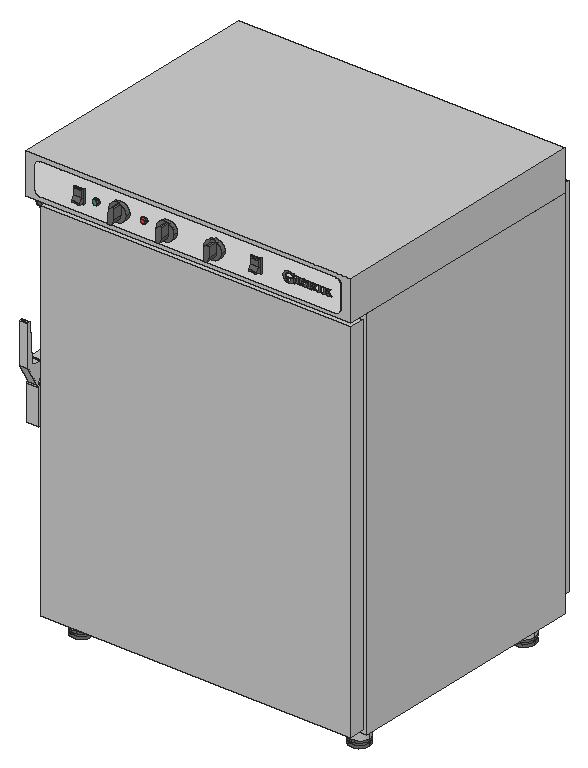
Revit family "QF_GIORIK_GR1011M_GR1011E_GR1011P", category Specialty Equipment, Revit 2014 (continued)
Automatic sketch dimensions
  Extrusion 8 sketch curve to Extrusion 8 sketch curve = 2.551 mm
  Extrusion 8 sketch curve to Extrusion 8 sketch curve = 5.945 mm
  Extrusion 8 sketch curve to Extrusion 8 sketch curve = 0.022 mm  (x2)
  Extrusion 8 sketch curve to Extrusion 8 sketch curve = 4 mm
  Extrusion 8 sketch curve to plane 6 "Top" = 42.343 mm
  Extrusion 8 sketch curve to Extrusion 8 sketch curve = 5.91 mm  (x2)
  Extrusion 8 sketch curve to plane 6 "Top" = 54.999 mm
  Extrusion 8 sketch curve to plane 6 "Top" = 44.687 mm
  Extrusion 8 sketch curve to plane 6 "Top" = 60.237 mm
  Extrusion 8 sketch curve to Extrusion 8 sketch curve = 1.141 mm
  Extrusion 8 sketch curve to Extrusion 8 sketch curve = 6.081 mm
  Extrusion 8 sketch curve to plane 6 "Top" = 37.804 mm
  Extrusion 8 sketch curve to Extrusion 8 sketch curve = 4.16 mm
  Extrusion 8 sketch curve to plane 6 "Top" = 58.99 mm
  Extrusion 8 sketch curve to Extrusion 8 sketch curve = 2.507 mm
  Extrusion 8 sketch curve to Extrusion 8 sketch curve = 1.366 mm
  Extrusion 8 sketch curve to plane 6 "Top" = 40.517 mm
  Extrusion 8 sketch curve to Extrusion 8 sketch curve = 4.893 mm
  Extrusion 8 sketch curve to Extrusion 8 sketch curve = 6.586 mm
  Extrusion 8 sketch curve to Extrusion 8 sketch curve = 2.154 mm
  Extrusion 8 sketch curve to Extrusion 8 sketch curve = 2.256 mm
  Extrusion 8 sketch curve to Extrusion 8 sketch curve = 0.578 mm
  Extrusion 8 sketch curve to Extrusion 8 sketch curve = 1.392 mm
  Extrusion 8 sketch curve to Extrusion 8 sketch curve = 1.974 mm
  Extrusion 8 sketch curve to Extrusion 8 sketch curve = 1.347 mm
  Extrusion 8 sketch curve to Extrusion 8 sketch curve = 1.469 mm
  Extrusion 8 sketch curve to Extrusion 8 sketch curve = 4.081 mm
  Extrusion 8 sketch curve to Extrusion 8 sketch curve = 3.564 mm
  Extrusion 8 sketch curve to Extrusion 8 sketch curve = 3.242 mm
  Extrusion 8 sketch curve to Extrusion 8 sketch curve = 0.899 mm
  Extrusion 8 sketch curve to Extrusion 8 sketch curve = 1.294 mm
  Extrusion 8 sketch curve to Extrusion 8 sketch curve = 15.009 mm
  Extrusion 8 sketch curve to Extrusion 8 sketch curve = 2.344 mm  (x8)
  Extrusion 8 sketch curve to Extrusion 8 sketch curve = 1 mm
  Extrusion 8 sketch curve to Extrusion 8 sketch curve = 1.461 mm
  Extrusion 8 sketch curve to Extrusion 8 sketch curve = 1.786 mm
  Extrusion 8 sketch curve to Extrusion 8 sketch curve = 1.919 mm
  Extrusion 8 sketch curve to Extrusion 8 sketch curve = 2.046 mm
  Extrusion 8 sketch curve to Extrusion 8 sketch curve = 1.137 mm
  Extrusion 8 sketch curve to Extrusion 8 sketch curve = 3.153 mm
  Extrusion 8 sketch curve to Extrusion 8 sketch curve = 3.783 mm
  Extrusion 8 sketch curve to Extrusion 8 sketch curve = 1.816 mm  (x2)
  Extrusion 8 sketch curve to Extrusion 8 sketch curve = 1.67 mm
  Extrusion 8 sketch curve to Extrusion 8 sketch curve = 3.513 mm
  Extrusion 8 sketch curve to Extrusion 8 sketch curve = 2.539 mm
  Extrusion 8 sketch curve to Extrusion 8 sketch curve = 4.042 mm
  Extrusion 8 sketch curve to Extrusion 8 sketch curve = 0.806 mm
  Extrusion 8 sketch curve to Extrusion 8 sketch curve = 0.873 mm
  Extrusion 8 sketch curve to Extrusion 8 sketch curve = 4.868 mm
  Extrusion 8 sketch curve to Extrusion 8 sketch curve = 2.243 mm
  Extrusion 8 sketch curve to Extrusion 8 sketch curve = 0.326 mm
  Extrusion 8 sketch curve to Extrusion 8 sketch curve = 2.593 mm  (x3)
  Extrusion 8 sketch curve to Extrusion 8 sketch curve = 1.506 mm
  Extrusion 8 sketch curve to Extrusion 8 sketch curve = 1.887 mm
  Extrusion 8 sketch curve to Extrusion 8 sketch curve = 1.99 mm
  Extrusion 8 sketch curve to Extrusion 8 sketch curve = 2.691 mm
  Extrusion 8 sketch curve to Extrusion 8 sketch curve = 3.345 mm
  Extrusion 8 sketch curve to Extrusion 8 sketch curve = 0.743 mm
  Extrusion 8 sketch curve to Extrusion 8 sketch curve = 3.185 mm
  Extrusion 8 sketch curve to Extrusion 8 sketch curve = 4.912 mm  (x2)
  Extrusion 8 sketch curve to Extrusion 8 sketch curve = 2.294 mm
  Extrusion 8 sketch curve to Extrusion 8 sketch curve = 3.131 mm
  Extrusion 8 sketch curve to Extrusion 8 sketch curve = 0.143 mm
  Extrusion 8 sketch curve to Extrusion 8 sketch curve = 1.861 mm
  Extrusion 8 sketch curve to Extrusion 8 sketch curve = 2.054 mm
  Extrusion 8 sketch curve to Extrusion 8 sketch curve = 1.787 mm
  Extrusion 9 sketch curve to plane 6 "Top" = 50.131 mm
  plane 4 "Right" to Extrusion 9 sketch curve = 150.095 mm
  Extrusion 9 sketch curve to plane 6 "Top" = 55.131 mm
  Extrusion 9 sketch curve to Extrusion 9 sketch curve = 6 mm  (x2)
  plane 3 "Left" to Extrusion 10 sketch curve = 60 mm
  plane 1 "Back" to Extrusion 10 sketch curve = 125 mm
  plane 3 "Left" to Extrusion 11 sketch curve = 60 mm
  plane 1 "Back" to Extrusion 11 sketch curve = 125 mm
  plane 3 "Left" to Extrusion 12 sketch curve = 60 mm
  plane 1 "Back" to Extrusion 12 sketch curve = 125 mm
  plane 3 "Left" to Extrusion 13 sketch curve = 60 mm
  plane 1 "Back" to Extrusion 13 sketch curve = 125 mm
  plane 3 "Left" to Extrusion 14 sketch curve = 60 mm
  plane 8 "Front oven" to Extrusion 14 sketch curve = 51 mm
  plane 3 "Left" to Extrusion 15 sketch curve = 60 mm
  plane 8 "Front oven" to Extrusion 15 sketch curve = 51 mm
  plane 3 "Left" to Extrusion 16 sketch curve = 60 mm
  plane 8 "Front oven" to Extrusion 16 sketch curve = 51 mm
  plane 3 "Left" to Extrusion 17 sketch curve = 60 mm
  plane 8 "Front oven" to Extrusion 17 sketch curve = 51 mm
  plane 4 "Right" to Extrusion 18 sketch curve = 60 mm
  plane 1 "Back" to Extrusion 18 sketch curve = 125 mm
  plane 4 "Right" to Extrusion 19 sketch curve = 60 mm
  plane 1 "Back" to Extrusion 19 sketch curve = 125 mm
  plane 4 "Right" to Extrusion 20 sketch curve = 60 mm
  plane 1 "Back" to Extrusion 20 sketch curve = 125 mm
  plane 4 "Right" to Extrusion 21 sketch curve = 60 mm
  plane 1 "Back" to Extrusion 21 sketch curve = 125 mm
  plane 4 "Right" to Extrusion 22 sketch curve = 60 mm
  plane 8 "Front oven" to Extrusion 22 sketch curve = 51 mm
  plane 4 "Right" to Extrusion 23 sketch curve = 60 mm
  plane 8 "Front oven" to Extrusion 23 sketch curve = 51 mm
  plane 4 "Right" to Extrusion 24 sketch curve = 60 mm
  plane 8 "Front oven" to Extrusion 24 sketch curve = 51 mm
  plane 4 "Right" to Extrusion 25 sketch curve = 60 mm
  plane 8 "Front oven" to Extrusion 25 sketch curve = 51 mm
  Extrusion 26 sketch curve to plane 7 "Legs height" = 0 mm
  plane 3 "Left" to Extrusion 26 sketch curve = 50 mm
  plane 4 "Right" to Extrusion 26 sketch curve = 50 mm
  Extrusion 26 sketch curve to plane 6 "Top" = 125 mm
  Extrusion 27 sketch curve to plane 3 "Left" = 0 mm
  plane 4 "Right" to Extrusion 27 sketch curve = 0 mm
  Extrusion 27 sketch curve to plane 6 "Top" = 0 mm
  Extrusion 27 sketch curve to Extrusion 27 sketch curve = 100 mm
  Extrusion 28 sketch curve to plane 5 "Front" = 2.5 mm
  plane 5 "Front" to Extrusion 28 sketch curve = 10.5 mm
  Extrusion 28 sketch curve to plane 8 "Front oven" = 12.5 mm
  plane 7 "Legs height" to Extrusion 28 sketch curve = 437 mm
  Extrusion 28 sketch curve to Extrusion 28 sketch curve = 5 mm
  Extrusion 28 sketch curve to Extrusion 28 sketch curve = 88 mm
  Extrusion 28 sketch curve to Extrusion 28 sketch curve = 26.5 mm
  Extrusion 28 sketch curve to Extrusion 28 sketch curve = 29 mm
  Extrusion 28 sketch curve to Extrusion 28 sketch curve = 1.5 mm
  Extrusion 29 sketch curve to plane 5 "Front" = 30 mm
  Extrusion 29 sketch curve to Extrusion 29 sketch curve = 2.5 mm  (x3)
  Extrusion 29 sketch curve to Extrusion 29 sketch curve = 11.414 mm
  Extrusion 29 sketch curve to plane 5 "Front" = 9.655 mm
  Extrusion 29 sketch curve to plane 5 "Front" = 8.61 mm
  Extrusion 29 sketch curve to plane 5 "Front" = 2.5 mm
  plane 5 "Front" to Extrusion 29 sketch curve = 10.5 mm
  Extrusion 29 sketch curve to plane 6 "Top" = 520 mm
  Extrusion 29 sketch curve to Extrusion 29 sketch curve = 4.31 mm
  Extrusion 29 sketch curve to Extrusion 29 sketch curve = 22.19 mm
  Extrusion 29 sketch curve to Extrusion 29 sketch curve = 25.58 mm
  Extrusion 29 sketch curve to Extrusion 29 sketch curve = 26.716 mm
  Extrusion 29 sketch curve to Extrusion 29 sketch curve = 2.117 mm
  Extrusion 29 sketch curve to Extrusion 29 sketch curve = 9.247 mm
  Extrusion 29 sketch curve to Extrusion 29 sketch curve = 89.129 mm
  Extrusion 30 sketch curve to plane 8 "Front oven" = 0 mm
  Extrusion 30 sketch curve to plane 8 "Front oven" = 2.8 mm
  Extrusion 30 sketch curve to Extrusion 30 sketch curve = 2.8 mm
  Extrusion 30 sketch curve to plane 8 "Front oven" = 5.3 mm
  Extrusion 30 sketch curve to Extrusion 30 sketch curve = 2.5 mm  (x3)
  Extrusion 30 sketch curve to Extrusion 30 sketch curve = 2.164 mm  (x2)
  Extrusion 30 sketch curve to Extrusion 30 sketch curve = 5.036 mm
  plane 7 "Legs height" to Extrusion 30 sketch curve = 436.3 mm
  Extrusion 30 sketch curve to Extrusion 30 sketch curve = 12.316 mm
  Extrusion 30 sketch curve to Extrusion 30 sketch curve = 0.683 mm  (x2)
  Extrusion 30 sketch curve to Extrusion 30 sketch curve = 12.047 mm
  Extrusion 30 sketch curve to Extrusion 30 sketch curve = 22.316 mm
  Extrusion 31 sketch curve to plane 6 "Top" = 43.954 mm
  plane 3 "Left" to Extrusion 31 sketch curve = 247.204 mm
  Extrusion 31 sketch curve to Extrusion 31 sketch curve = 0.004 mm
  Extrusion 31 sketch curve to Extrusion 31 sketch curve = 6.312 mm  (x2)
  Extrusion 31 sketch curve to Extrusion 31 sketch curve = 1.783 mm
  Extrusion 31 sketch curve to Extrusion 31 sketch curve = 8.091 mm
  Extrusion 31 sketch curve to Extrusion 31 sketch curve = 2.709 mm  (x2)
  Extrusion 31 sketch curve to Extrusion 31 sketch curve = 6.281 mm
  Extrusion 31 sketch curve to Extrusion 31 sketch curve = 13.077 mm  (x2)
  Extrusion 32 sketch curve to plane 6 "Top" = 49.804 mm
  plane 3 "Left" to Extrusion 32 sketch curve = 240 mm
  Extrusion 33 sketch curve to plane 6 "Top" = 43.954 mm
  plane 3 "Left" to Extrusion 33 sketch curve = 367.204 mm
  Extrusion 33 sketch curve to Extrusion 33 sketch curve = 0.004 mm
  Extrusion 33 sketch curve to Extrusion 33 sketch curve = 6.312 mm  (x2)
  Extrusion 33 sketch curve to Extrusion 33 sketch curve = 1.783 mm
  Extrusion 33 sketch curve to Extrusion 33 sketch curve = 8.091 mm
  Extrusion 33 sketch curve to Extrusion 33 sketch curve = 2.709 mm  (x2)
  Extrusion 33 sketch curve to Extrusion 33 sketch curve = 6.281 mm
  Extrusion 33 sketch curve to Extrusion 33 sketch curve = 13.077 mm  (x2)
  Extrusion 34 sketch curve to plane 6 "Top" = 49.804 mm
  plane 3 "Left" to Extrusion 34 sketch curve = 360 mm
  Extrusion 35 sketch curve to plane 6 "Top" = 50 mm
  plane 3 "Left" to Extrusion 35 sketch curve = 180 mm
  Extrusion 36 sketch curve to plane 6 "Top" = 50 mm
  plane 3 "Left" to Extrusion 36 sketch curve = 300 mm
  Extrusion 37 sketch curve to plane 6 "Top" = 50 mm
  plane 3 "Left" to Extrusion 37 sketch curve = 300 mm
  Extrusion 38 sketch curve to plane 6 "Top" = 67.5 mm
  plane 3 "Left" to Extrusion 38 sketch curve = 150 mm
  Extrusion 38 sketch curve to Extrusion 38 sketch curve = 25 mm
  Extrusion 38 sketch curve to plane 6 "Top" = 32.5 mm
  Extrusion 39 sketch curve to plane 5 "Front" = 12.435 mm
  Extrusion 39 sketch curve to Extrusion 39 sketch curve = 1.813 mm
  Extrusion 39 sketch curve to plane 5 "Front" = 7 mm
  Extrusion 39 sketch curve to plane 5 "Front" = 3 mm
  Extrusion 39 sketch curve to plane 6 "Top" = 64.5 mm
  Extrusion 39 sketch curve to Extrusion 39 sketch curve = 2 mm
  Extrusion 39 sketch curve to Extrusion 39 sketch curve = 11.655 mm
  Extrusion 39 sketch curve to Extrusion 39 sketch curve = 14.5 mm
  plane 1 "Back" to Extrusion 40 sketch curve = 72.75 mm
  Extrusion 40 sketch curve to Extrusion 40 sketch curve = 7.874 mm  (x3)
  Extrusion 40 sketch curve to Extrusion 40 sketch curve = 2.002 mm  (x4)
  Extrusion 40 sketch curve to Extrusion 40 sketch curve = 15.748 mm  (x2)
  plane 7 "Legs height" to Extrusion 40 sketch curve = 228.05 mm
  Extrusion 40 sketch curve to Extrusion 40 sketch curve = 1.156 mm  (x3)
  Extrusion 40 sketch curve to Extrusion 40 sketch curve = 13.638 mm  (x4)
  Extrusion 40 sketch curve to Extrusion 40 sketch curve = 2.312 mm  (x2)
  plane 1 "Back" to Extrusion 41 sketch curve = 72.75 mm
  Extrusion 41 sketch curve to Extrusion 41 sketch curve = 7.874 mm  (x3)
  Extrusion 41 sketch curve to Extrusion 41 sketch curve = 2.002 mm  (x4)
  Extrusion 41 sketch curve to Extrusion 41 sketch curve = 15.748 mm  (x2)
  plane 7 "Legs height" to Extrusion 41 sketch curve = 228.05 mm
  Extrusion 41 sketch curve to Extrusion 41 sketch curve = 1.156 mm  (x3)
  Extrusion 41 sketch curve to Extrusion 41 sketch curve = 13.638 mm  (x4)
  Extrusion 41 sketch curve to Extrusion 41 sketch curve = 2.312 mm  (x2)
  plane 1 "Back" to Extrusion 42 sketch curve = 72.75 mm
  Extrusion 42 sketch curve to Extrusion 42 sketch curve = 7.874 mm  (x3)
  Extrusion 42 sketch curve to Extrusion 42 sketch curve = 2.002 mm  (x4)
  Extrusion 42 sketch curve to Extrusion 42 sketch curve = 15.748 mm  (x2)
  plane 7 "Legs height" to Extrusion 42 sketch curve = 228.05 mm
  Extrusion 42 sketch curve to Extrusion 42 sketch curve = 1.156 mm  (x3)
  Extrusion 42 sketch curve to Extrusion 42 sketch curve = 13.638 mm  (x4)
  Extrusion 42 sketch curve to Extrusion 42 sketch curve = 2.312 mm  (x2)
  Revolve 43 sketch curve to plane 8 "Front oven" = 0 mm  (x2)
  Revolve 43 sketch curve to plane 8 "Front oven" = 10.71 mm
  Revolve 43 sketch curve to Revolve 43 sketch curve = 0.186 mm
  Revolve 43 sketch curve to Revolve 43 sketch curve = 0.742 mm
  Revolve 43 sketch curve to Revolve 43 sketch curve = 3.081 mm
  Revolve 43 sketch curve to Revolve 43 sketch curve = 0.935 mm
  Revolve 43 sketch curve to Revolve 43 sketch curve = 8.362 mm
  plane 8 "Front oven" to Revolve 43 sketch curve = 46.511 mm
  Revolve 43 sketch curve to plane 6 "Top" = 125.457 mm
  Revolve 43 sketch curve to Revolve 43 sketch curve = 4.746 mm
  Revolve 43 sketch curve to Revolve 43 sketch curve = 8.097 mm
  Revolve 43 sketch curve to Revolve 43 sketch curve = 1.816 mm
  Revolve 43 sketch curve to Revolve 43 sketch curve = 0.564 mm
  Revolve 43 sketch curve to Revolve 43 sketch curve = 6.145 mm
  Revolve 43 sketch curve to Revolve 43 sketch curve = 0.19 mm
  Revolve 43 sketch curve to Revolve 43 sketch curve = 0 mm  (x2)
  Extrusion 44 sketch curve to plane 6 "Top" = 43.954 mm
  plane 4 "Right" to Extrusion 44 sketch curve = 332.796 mm
  Extrusion 44 sketch curve to Extrusion 44 sketch curve = 0.004 mm
  Extrusion 44 sketch curve to Extrusion 44 sketch curve = 6.312 mm  (x2)
  Extrusion 44 sketch curve to Extrusion 44 sketch curve = 1.783 mm
  Extrusion 44 sketch curve to Extrusion 44 sketch curve = 8.091 mm
  Extrusion 44 sketch curve to Extrusion 44 sketch curve = 2.709 mm  (x2)
  Extrusion 44 sketch curve to Extrusion 44 sketch curve = 6.281 mm
  Extrusion 44 sketch curve to Extrusion 44 sketch curve = 13.077 mm  (x2)
  Extrusion 45 sketch curve to plane 6 "Top" = 49.804 mm
  plane 4 "Right" to Extrusion 45 sketch curve = 340 mm
  plane 6 "Top" to Extrusion 46 sketch curve = 67.5 mm
  Extrusion 46 sketch curve to plane 4 "Right" = 250 mm
  Extrusion 46 sketch curve to Extrusion 46 sketch curve = 25 mm
  plane 6 "Top" to Extrusion 46 sketch curve = 32.5 mm
  Extrusion 47 sketch curve to plane 5 "Front" = 12.435 mm
  Extrusion 47 sketch curve to Extrusion 47 sketch curve = 1.813 mm
  Extrusion 47 sketch curve to plane 5 "Front" = 7 mm
  Extrusion 47 sketch curve to plane 5 "Front" = 3 mm
  Extrusion 47 sketch curve to plane 6 "Top" = 35.5 mm
  Extrusion 47 sketch curve to Extrusion 47 sketch curve = 14.5 mm
  Extrusion 47 sketch curve to Extrusion 47 sketch curve = 11.655 mm
  Extrusion 47 sketch curve to Extrusion 47 sketch curve = 0.845 mm
  plane 8 "Front oven" to Sweep 48 sketch curve = 225.46 mm
  plane 1 "Back" to Sweep 48 sketch curve = 10 mm
  plane 4 "Right" to Sweep 48 sketch curve = 175 mm
  plane 4 "Right" to Sweep 48 sketch curve = 380.045 mm
  Sweep 48 sketch curve to profile plane = 0 mm
  Sweep 48 sketch curve to plane 7 "Legs height" = 14 mm
  Sweep 49 sketch curve to plane 7 "Legs height" = 9.526 mm
  plane 7 "Legs height" to Sweep 49 sketch curve = 0.474 mm
  Sweep 49 sketch curve to Sweep 49 sketch curve = 10 mm
  Sweep 49 sketch curve to Sweep 49 sketch curve = 4 mm
  profile plane to Sweep 49 sketch curve = 4.474 mm
  profile plane to Sweep 49 sketch curve = 390 mm
  plane 8 "Front oven" to Sweep 50 sketch curve = 217.023 mm
  plane 4 "Right" to Sweep 50 sketch curve = 371.6 mm
  Sweep 50 sketch curve to Sweep 50 sketch curve = 27.406 mm
  Sweep 50 sketch curve to Sweep 50 sketch curve = 12.202 mm
  Sweep 50 sketch curve to profile plane = 0 mm
  Sweep 50 sketch curve to plane 7 "Legs height" = 14 mm
  plane 1 "Back" to Sweep 51 sketch curve = 79.938 mm
  Sweep 51 sketch curve to plane 6 "Top" = 55.782 mm
  Sweep 51 sketch curve to Sweep 51 sketch curve = 19.754 mm
  Sweep 51 sketch curve to Sweep 51 sketch curve = 3.129 mm
  Sweep 51 sketch curve to profile plane = 0 mm
  plane 3 "Left" to Sweep 51 sketch curve = 160 mm
  Extrusion 52 sketch curve to Extrusion 52 sketch curve = 0 mm  (x22)
  Extrusion 52 sketch curve to plane 6 "Top" = 44.5 mm
  plane 3 "Left" to Extrusion 52 sketch curve = 305 mm
  Extrusion 52 sketch curve to Extrusion 52 sketch curve = 2 mm  (x34)
  Extrusion 52 sketch curve to Extrusion 52 sketch curve = 1.474 mm
  Extrusion 52 sketch curve to Extrusion 52 sketch curve = 2.248 mm
  Extrusion 52 sketch curve to Extrusion 52 sketch curve = 2.335 mm  (x2)
  Extrusion 52 sketch curve to Extrusion 52 sketch curve = 1.658 mm  (x2)
  Extrusion 52 sketch curve to Extrusion 52 sketch curve = 2.455 mm
  Extrusion 52 sketch curve to Extrusion 52 sketch curve = 1.267 mm
  Extrusion 52 sketch curve to Extrusion 52 sketch curve = 2.654 mm
  Extrusion 52 sketch curve to plane 6 "Top" = 37.855 mm
  Extrusion 52 sketch curve to Extrusion 52 sketch curve = 2.67 mm
  Extrusion 52 sketch curve to plane 6 "Top" = 36.636 mm
  Extrusion 52 sketch curve to Extrusion 52 sketch curve = 1.218 mm
  Extrusion 52 sketch curve to Extrusion 52 sketch curve = 9.006 mm
  Extrusion 52 sketch curve to plane 6 "Top" = 41.986 mm
  Extrusion 52 sketch curve to Extrusion 52 sketch curve = 4.131 mm
  Extrusion 52 sketch curve to Extrusion 52 sketch curve = 0.927 mm
  Extrusion 52 sketch curve to Extrusion 52 sketch curve = 0.609 mm  (x2)
  Extrusion 52 sketch curve to plane 6 "Top" = 40.768 mm
  Extrusion 52 sketch curve to Extrusion 52 sketch curve = 2.659 mm  (x2)
  Extrusion 52 sketch curve to Extrusion 52 sketch curve = 6.643 mm
  Extrusion 52 sketch curve to Extrusion 52 sketch curve = 2.025 mm
  Extrusion 52 sketch curve to Extrusion 52 sketch curve = 18 mm  (x8)
  Extrusion 52 sketch curve to Extrusion 52 sketch curve = 2.349 mm
  Extrusion 52 sketch curve to Extrusion 52 sketch curve = 0.444 mm  (x2)
  Extrusion 52 sketch curve to plane 6 "Top" = 67.155 mm
  Extrusion 52 sketch curve to Extrusion 52 sketch curve = 2.311 mm
  Extrusion 52 sketch curve to Extrusion 52 sketch curve = 5.8 mm  (x2)
  Extrusion 52 sketch curve to plane 6 "Top" = 73.749 mm
  Extrusion 52 sketch curve to Extrusion 52 sketch curve = 1.282 mm
  Extrusion 52 sketch curve to Extrusion 52 sketch curve = 1.5 mm  (x4)
  Extrusion 52 sketch curve to Extrusion 52 sketch curve = 1.2 mm  (x2)
  Extrusion 52 sketch curve to plane 6 "Top" = 71.356 mm
  Extrusion 52 sketch curve to Extrusion 52 sketch curve = 1.035 mm  (x2)
  Extrusion 52 sketch curve to plane 6 "Top" = 72.138 mm
  Extrusion 52 sketch curve to Extrusion 52 sketch curve = 0.152 mm
  Extrusion 52 sketch curve to Extrusion 52 sketch curve = 0.177 mm
  Extrusion 52 sketch curve to Extrusion 52 sketch curve = 0.136 mm
  Extrusion 52 sketch curve to Extrusion 52 sketch curve = 2.103 mm
  Extrusion 52 sketch curve to plane 6 "Top" = 69.363 mm
  Extrusion 52 sketch curve to Extrusion 52 sketch curve = 0.174 mm
  Extrusion 52 sketch curve to plane 6 "Top" = 67.882 mm
  Extrusion 52 sketch curve to Extrusion 52 sketch curve = 0.195 mm
  Extrusion 52 sketch curve to Extrusion 52 sketch curve = 3.349 mm
  Extrusion 52 sketch curve to Extrusion 52 sketch curve = 1.151 mm
  Extrusion 52 sketch curve to Extrusion 52 sketch curve = 1.614 mm
  Extrusion 52 sketch curve to Extrusion 52 sketch curve = 5.293 mm
  Extrusion 52 sketch curve to Extrusion 52 sketch curve = 7 mm  (x3)
  Extrusion 52 sketch curve to plane 6 "Top" = 67.679 mm
  Extrusion 52 sketch curve to Extrusion 52 sketch curve = 3.443 mm
  Extrusion 52 sketch curve to plane 6 "Top" = 38.133 mm  (x2)
  Extrusion 52 sketch curve to Extrusion 52 sketch curve = 3.462 mm  (x2)
  Extrusion 52 sketch curve to plane 6 "Top" = 67.044 mm
  Extrusion 52 sketch curve to Extrusion 52 sketch curve = 0.552 mm
  Extrusion 52 sketch curve to plane 6 "Top" = 70.886 mm
  Extrusion 52 sketch curve to Extrusion 52 sketch curve = 1.681 mm
  Extrusion 52 sketch curve to plane 6 "Top" = 71.607 mm
  Extrusion 52 sketch curve to Extrusion 52 sketch curve = 0.433 mm
  Extrusion 52 sketch curve to plane 6 "Top" = 70.753 mm
  Extrusion 52 sketch curve to Extrusion 52 sketch curve = 0.689 mm
  Extrusion 52 sketch curve to Extrusion 52 sketch curve = 3.538 mm
  Extrusion 52 sketch curve to plane 6 "Top" = 31.429 mm
  Extrusion 52 sketch curve to plane 6 "Top" = 69.717 mm
  Extrusion 52 sketch curve to plane 6 "Top" = 70.297 mm
  Extrusion 52 sketch curve to Extrusion 52 sketch curve = 0.737 mm
  Extrusion 52 sketch curve to plane 6 "Top" = 71.549 mm
  Extrusion 52 sketch curve to Extrusion 52 sketch curve = 0.916 mm
  Extrusion 52 sketch curve to plane 6 "Top" = 68.041 mm
  Extrusion 52 sketch curve to Extrusion 52 sketch curve = 2.121 mm
  Extrusion 52 sketch curve to Extrusion 52 sketch curve = 4.142 mm
  Extrusion 52 sketch curve to Extrusion 52 sketch curve = 6.106 mm
  Extrusion 52 sketch curve to Extrusion 52 sketch curve = 16 mm  (x2)
  Extrusion 52 sketch curve to Extrusion 52 sketch curve = 3 mm  (x5)
  Extrusion 52 sketch curve to Extrusion 52 sketch curve = 4 mm  (x2)
  Extrusion 52 sketch curve to Extrusion 52 sketch curve = 6 mm  (x4)
  Extrusion 52 sketch curve to Extrusion 52 sketch curve = 2.25 mm  (x4)
  Extrusion 52 sketch curve to Extrusion 52 sketch curve = 6.25 mm  (x5)
  Extrusion 52 sketch curve to Extrusion 52 sketch curve = 26 mm
  Extrusion 52 sketch curve to Extrusion 52 sketch curve = 11 mm
  Extrusion 52 sketch curve to Extrusion 52 sketch curve = 4.5 mm  (x3)
  Extrusion 52 sketch curve to Extrusion 52 sketch curve = 9 mm
  Extrusion 52 sketch curve to Extrusion 52 sketch curve = 5 mm
  Extrusion 52 sketch curve to Extrusion 52 sketch curve = 1.1 mm
  Extrusion 52 sketch curve to Extrusion 52 sketch curve = 2.028 mm
  Extrusion 52 sketch curve to Extrusion 52 sketch curve = 2.46 mm  (x2)
  Extrusion 52 sketch curve to plane 6 "Top" = 69.626 mm
  Extrusion 52 sketch curve to Extrusion 52 sketch curve = 1.568 mm
  Extrusion 52 sketch curve to plane 6 "Top" = 64.8 mm
  Extrusion 52 sketch curve to Extrusion 52 sketch curve = 3.722 mm
  Extrusion 52 sketch curve to plane 6 "Top" = 65.707 mm
  Extrusion 52 sketch curve to Extrusion 52 sketch curve = 0.691 mm  (x2)
  Extrusion 52 sketch curve to Extrusion 52 sketch curve = 1.981 mm
  Extrusion 52 sketch curve to plane 6 "Top" = 67.766 mm
  Extrusion 52 sketch curve to Extrusion 52 sketch curve = 3.032 mm
  Extrusion 52 sketch curve to Extrusion 52 sketch curve = 5.967 mm
  Extrusion 52 sketch curve to Extrusion 52 sketch curve = 1.58 mm
  Extrusion 52 sketch curve to plane 6 "Top" = 73.635 mm
  Extrusion 52 sketch curve to Extrusion 52 sketch curve = 0.39 mm
  Extrusion 52 sketch curve to Extrusion 52 sketch curve = 1.354 mm
  Extrusion 52 sketch curve to Extrusion 52 sketch curve = 11.54 mm  (x2)
  Extrusion 52 sketch curve to Extrusion 52 sketch curve = 1.14 mm
  Extrusion 52 sketch curve to Extrusion 52 sketch curve = 1.208 mm
  Extrusion 52 sketch curve to Extrusion 52 sketch curve = 3.657 mm
  Extrusion 52 sketch curve to Extrusion 52 sketch curve = 1 mm  (x8)
  Extrusion 52 sketch curve to Extrusion 52 sketch curve = 0.5 mm  (x8)
  Extrusion 52 sketch curve to Extrusion 52 sketch curve = 1.176 mm
  Extrusion 52 sketch curve to Extrusion 52 sketch curve = 0.846 mm
  Extrusion 52 sketch curve to Extrusion 52 sketch curve = 5.487 mm  (x2)
  Extrusion 52 sketch curve to Extrusion 52 sketch curve = 0.513 mm  (x2)
  Extrusion 52 sketch curve to Extrusion 52 sketch curve = 6.953 mm
  Extrusion 52 sketch curve to Extrusion 52 sketch curve = 2.807 mm
  Extrusion 52 sketch curve to Extrusion 52 sketch curve = 2.849 mm
  Extrusion 52 sketch curve to Extrusion 52 sketch curve = 2.022 mm
  Extrusion 52 sketch curve to Extrusion 52 sketch curve = 2.064 mm
  Extrusion 52 sketch curve to Extrusion 52 sketch curve = 27.956 mm
  Extrusion 52 sketch curve to Extrusion 52 sketch curve = 5.218 mm
  Extrusion 52 sketch curve to Extrusion 52 sketch curve = 2.003 mm
  Extrusion 52 sketch curve to Extrusion 52 sketch curve = 2.865 mm
  Extrusion 52 sketch curve to Extrusion 52 sketch curve = 2.156 mm
  Extrusion 52 sketch curve to Extrusion 52 sketch curve = 2.544 mm  (x2)
  Extrusion 52 sketch curve to Extrusion 52 sketch curve = 5.393 mm
  Extrusion 52 sketch curve to Extrusion 52 sketch curve = 3.365 mm
  Extrusion 52 sketch curve to Extrusion 52 sketch curve = 3.251 mm
  Extrusion 52 sketch curve to Extrusion 52 sketch curve = 49.625 mm
  Extrusion 52 sketch curve to Extrusion 52 sketch curve = 0.7 mm
  Extrusion 52 sketch curve to Extrusion 52 sketch curve = 1.584 mm
  Extrusion 52 sketch curve to Extrusion 52 sketch curve = 2.649 mm  (x2)
  Extrusion 52 sketch curve to Extrusion 52 sketch curve = 1.063 mm
  Extrusion 52 sketch curve to Extrusion 52 sketch curve = 1.13 mm
  Extrusion 52 sketch curve to Extrusion 52 sketch curve = 0.283 mm
  Extrusion 52 sketch curve to Extrusion 52 sketch curve = 6.5 mm
  Extrusion 52 sketch curve to Extrusion 52 sketch curve = 2.302 mm
  Extrusion 52 sketch curve to Extrusion 52 sketch curve = 1.093 mm
  Extrusion 52 sketch curve to Extrusion 52 sketch curve = 1.391 mm
  Extrusion 52 sketch curve to Extrusion 52 sketch curve = 0.396 mm
  Extrusion 52 sketch curve to Extrusion 52 sketch curve = 0.255 mm
  Extrusion 52 sketch curve to Extrusion 52 sketch curve = 0.727 mm
  Extrusion 52 sketch curve to Extrusion 52 sketch curve = 2.242 mm
  Extrusion 52 sketch curve to Extrusion 52 sketch curve = 4.385 mm
  Extrusion 52 sketch curve to Extrusion 52 sketch curve = 1.021 mm
  Extrusion 52 sketch curve to Extrusion 52 sketch curve = 0.594 mm
  Extrusion 52 sketch curve to Extrusion 52 sketch curve = 1.094 mm
  Extrusion 52 sketch curve to Extrusion 52 sketch curve = 5.041 mm
  Extrusion 52 sketch curve to Extrusion 52 sketch curve = 4.746 mm
  Extrusion 52 sketch curve to Extrusion 52 sketch curve = 2.496 mm
  Extrusion 52 sketch curve to Extrusion 52 sketch curve = 13.798 mm  (x2)
  Extrusion 52 sketch curve to Extrusion 52 sketch curve = 8.367 mm
  Extrusion 52 sketch curve to Extrusion 52 sketch curve = 14.5 mm  (x3)
  Extrusion 52 sketch curve to Extrusion 52 sketch curve = 2.702 mm  (x3)
  Extrusion 52 sketch curve to Extrusion 52 sketch curve = 1.844 mm
  Extrusion 52 sketch curve to Extrusion 52 sketch curve = 2.5 mm  (x2)
  Extrusion 52 sketch curve to Extrusion 52 sketch curve = 1.254 mm  (x2)
  Extrusion 52 sketch curve to Extrusion 52 sketch curve = 1.867 mm
  Extrusion 52 sketch curve to Extrusion 52 sketch curve = 2.193 mm
  Extrusion 52 sketch curve to Extrusion 52 sketch curve = 2.344 mm
  Extrusion 52 sketch curve to Extrusion 52 sketch curve = 1.147 mm
  Extrusion 52 sketch curve to Extrusion 52 sketch curve = 3.002 mm
  Extrusion 52 sketch curve to Extrusion 52 sketch curve = 2.944 mm
  Extrusion 52 sketch curve to Extrusion 52 sketch curve = 5.807 mm
  Extrusion 52 sketch curve to Extrusion 52 sketch curve = 2.114 mm
  Extrusion 52 sketch curve to Extrusion 52 sketch curve = 11.5 mm  (x2)
  Extrusion 52 sketch curve to Extrusion 52 sketch curve = 6.136 mm
  Extrusion 52 sketch curve to Extrusion 52 sketch curve = 14 mm
  Extrusion 52 sketch curve to Extrusion 52 sketch curve = 0.929 mm
  plane 6 "Top" to Extrusion 52 sketch curve = 53.625 mm
  plane 6 "Top" to Extrusion 53 sketch curve = 67.5 mm
  Extrusion 53 sketch curve to plane 3 "Left" = 355 mm
  Extrusion 53 sketch curve to Extrusion 53 sketch curve = 25 mm
  plane 6 "Top" to Extrusion 53 sketch curve = 32.5 mm
  Extrusion 54 sketch curve to plane 5 "Front" = 12.435 mm
  Extrusion 54 sketch curve to Extrusion 54 sketch curve = 1.813 mm
  Extrusion 54 sketch curve to plane 5 "Front" = 7 mm
  Extrusion 54 sketch curve to plane 5 "Front" = 3 mm
  Extrusion 54 sketch curve to plane 6 "Top" = 35.5 mm
  Extrusion 54 sketch curve to Extrusion 54 sketch curve = 14.5 mm
  Extrusion 54 sketch curve to Extrusion 54 sketch curve = 11.655 mm
  Extrusion 54 sketch curve to Extrusion 54 sketch curve = 0.845 mm
  Extrusion 55 sketch curve to plane 6 "Top" = 25.5 mm  (x2)
  plane 3 "Left" to Extrusion 55 sketch curve = 286.5 mm
  Extrusion 55 sketch curve to Extrusion 55 sketch curve = 0 mm  (x5)
  Extrusion 55 sketch curve to Extrusion 55 sketch curve = 17 mm
  Extrusion 55 sketch curve to Extrusion 55 sketch curve = 36 mm  (x3)
  Extrusion 55 sketch curve to Extrusion 55 sketch curve = 19 mm
  Extrusion 55 sketch curve to Extrusion 55 sketch curve = 24.5 mm
  Extrusion 55 sketch curve to Extrusion 55 sketch curve = 40 mm
  Extrusion 55 sketch curve to Extrusion 55 sketch curve = 12.5 mm
  Extrusion 55 sketch curve to Extrusion 55 sketch curve = 31 mm
  Extrusion 55 sketch curve to plane 6 "Top" = 30.5 mm
  Extrusion 55 sketch curve to Extrusion 55 sketch curve = 5 mm  (x2)
  Extrusion 55 sketch curve to Extrusion 55 sketch curve = 14 mm
  Extrusion 55 sketch curve to Extrusion 55 sketch curve = 32.5 mm  (x2)
  Extrusion 55 sketch curve to Extrusion 55 sketch curve = 13.5 mm
  Extrusion 55 sketch curve to Extrusion 55 sketch curve = 22.5 mm
  Extrusion 55 sketch curve to Extrusion 55 sketch curve = 10 mm
  plane 6 "Top" to Extrusion 57 sketch curve = 67.5 mm
  Extrusion 57 sketch curve to plane 3 "Left" = 355 mm
  Extrusion 57 sketch curve to Extrusion 57 sketch curve = 25 mm
  Extrusion 57 sketch curve to Extrusion 57 sketch curve = 35 mm
  Extrusion 58 sketch curve to plane 5 "Front" = 12.435 mm
  Extrusion 58 sketch curve to Extrusion 58 sketch curve = 1.813 mm
  Extrusion 58 sketch curve to plane 5 "Front" = 7 mm
  Extrusion 58 sketch curve to plane 5 "Front" = 3 mm
  Extrusion 58 sketch curve to plane 6 "Top" = 35.5 mm
  Extrusion 58 sketch curve to Extrusion 58 sketch curve = 14.5 mm
  Extrusion 58 sketch curve to Extrusion 58 sketch curve = 11.655 mm
  Extrusion 58 sketch curve to Extrusion 58 sketch curve = 0.845 mm
  Extrusion 59 sketch curve to plane 6 "Top" = 25.5 mm
  plane 3 "Left" to Extrusion 59 sketch curve = 286.5 mm
  Extrusion 59 sketch curve to Extrusion 59 sketch curve = 0 mm  (x4)
  Extrusion 59 sketch curve to Extrusion 59 sketch curve = 17 mm
  Extrusion 59 sketch curve to Extrusion 59 sketch curve = 36 mm  (x2)
  Extrusion 59 sketch curve to Extrusion 59 sketch curve = 19 mm
  Extrusion 59 sketch curve to Extrusion 59 sketch curve = 24.5 mm
  Extrusion 59 sketch curve to Extrusion 59 sketch curve = 40 mm
  Extrusion 59 sketch curve to plane 6 "Top" = 30.5 mm
  Extrusion 59 sketch curve to Extrusion 59 sketch curve = 14 mm
  Extrusion 59 sketch curve to Extrusion 59 sketch curve = 32.5 mm  (x2)
  Extrusion 59 sketch curve to Extrusion 59 sketch curve = 13.5 mm  (x2)
  Extrusion 59 sketch curve to Extrusion 59 sketch curve = 5 mm
  Extrusion 56 sketch curve to Extrusion 56 sketch curve = 0 mm  (x11)
  Extrusion 56 sketch curve to plane 6 "Top" = 44.5 mm
  plane 3 "Left" to Extrusion 56 sketch curve = 305 mm
  Extrusion 56 sketch curve to Extrusion 56 sketch curve = 2 mm  (x25)
  Extrusion 56 sketch curve to Extrusion 56 sketch curve = 1.474 mm
  Extrusion 56 sketch curve to Extrusion 56 sketch curve = 2.248 mm
  Extrusion 56 sketch curve to Extrusion 56 sketch curve = 0.861 mm  (x2)
  Extrusion 56 sketch curve to Extrusion 56 sketch curve = 1.658 mm  (x2)
  Extrusion 56 sketch curve to Extrusion 56 sketch curve = 2.455 mm
  Extrusion 56 sketch curve to Extrusion 56 sketch curve = 1.267 mm
  Extrusion 56 sketch curve to Extrusion 56 sketch curve = 2.654 mm
  Extrusion 56 sketch curve to plane 6 "Top" = 37.855 mm
  Extrusion 56 sketch curve to Extrusion 56 sketch curve = 2.67 mm
  Extrusion 56 sketch curve to plane 6 "Top" = 36.636 mm
  Extrusion 56 sketch curve to Extrusion 56 sketch curve = 1.218 mm
  Extrusion 56 sketch curve to Extrusion 56 sketch curve = 9.006 mm
  Extrusion 56 sketch curve to plane 6 "Top" = 41.986 mm
  Extrusion 56 sketch curve to Extrusion 56 sketch curve = 4.131 mm
  Extrusion 56 sketch curve to Extrusion 56 sketch curve = 0.927 mm
  Extrusion 56 sketch curve to Extrusion 56 sketch curve = 0.609 mm  (x2)
  Extrusion 56 sketch curve to plane 6 "Top" = 40.768 mm
  Extrusion 56 sketch curve to Extrusion 56 sketch curve = 2.659 mm  (x2)
  Extrusion 56 sketch curve to Extrusion 56 sketch curve = 6.643 mm
  Extrusion 56 sketch curve to Extrusion 56 sketch curve = 2.025 mm
  Extrusion 56 sketch curve to Extrusion 56 sketch curve = 18 mm  (x6)
  Extrusion 56 sketch curve to Extrusion 56 sketch curve = 2.349 mm
  Extrusion 56 sketch curve to Extrusion 56 sketch curve = 0.444 mm  (x2)
  Extrusion 56 sketch curve to Extrusion 56 sketch curve = 2.311 mm
  Extrusion 56 sketch curve to Extrusion 56 sketch curve = 5.8 mm  (x2)
  Extrusion 56 sketch curve to Extrusion 56 sketch curve = 1.282 mm
  Extrusion 56 sketch curve to Extrusion 56 sketch curve = 1.5 mm  (x6)
  Extrusion 56 sketch curve to Extrusion 56 sketch curve = 1.2 mm  (x2)
  Extrusion 56 sketch curve to plane 6 "Top" = 71.356 mm
  Extrusion 56 sketch curve to Extrusion 56 sketch curve = 1.035 mm
  Extrusion 56 sketch curve to plane 6 "Top" = 72.138 mm
  Extrusion 56 sketch curve to Extrusion 56 sketch curve = 0.152 mm
  Extrusion 56 sketch curve to plane 6 "Top" = 73.049 mm
  Extrusion 56 sketch curve to Extrusion 56 sketch curve = 0.177 mm
  Extrusion 56 sketch curve to Extrusion 56 sketch curve = 0.136 mm
  Extrusion 56 sketch curve to plane 6 "Top" = 65.496 mm
  Extrusion 56 sketch curve to Extrusion 56 sketch curve = 2.103 mm
  Extrusion 56 sketch curve to plane 6 "Top" = 67.155 mm
  Extrusion 56 sketch curve to plane 6 "Top" = 69.363 mm
  Extrusion 56 sketch curve to Extrusion 56 sketch curve = 0.174 mm
  Extrusion 56 sketch curve to plane 6 "Top" = 67.882 mm
  Extrusion 56 sketch curve to Extrusion 56 sketch curve = 0.195 mm
  Extrusion 56 sketch curve to Extrusion 56 sketch curve = 3.349 mm
  Extrusion 56 sketch curve to Extrusion 56 sketch curve = 1.151 mm
  Extrusion 56 sketch curve to Extrusion 56 sketch curve = 1.614 mm
  Extrusion 56 sketch curve to Extrusion 56 sketch curve = 7 mm  (x3)
  Extrusion 56 sketch curve to Extrusion 56 sketch curve = 5.293 mm
  Extrusion 56 sketch curve to plane 6 "Top" = 67.679 mm
  Extrusion 56 sketch curve to Extrusion 56 sketch curve = 3.443 mm  (x2)
  Extrusion 56 sketch curve to plane 6 "Top" = 38.133 mm  (x2)
  Extrusion 56 sketch curve to Extrusion 56 sketch curve = 3.462 mm  (x2)
  Extrusion 56 sketch curve to plane 6 "Top" = 67.044 mm
  Extrusion 56 sketch curve to Extrusion 56 sketch curve = 0.552 mm
  Extrusion 56 sketch curve to plane 6 "Top" = 70.886 mm
  Extrusion 56 sketch curve to Extrusion 56 sketch curve = 1.681 mm
  Extrusion 56 sketch curve to plane 6 "Top" = 71.607 mm
  Extrusion 56 sketch curve to Extrusion 56 sketch curve = 0.433 mm
  Extrusion 56 sketch curve to plane 6 "Top" = 70.753 mm
  Extrusion 56 sketch curve to Extrusion 56 sketch curve = 0.689 mm
  Extrusion 56 sketch curve to Extrusion 56 sketch curve = 3.538 mm
  Extrusion 56 sketch curve to plane 6 "Top" = 31.429 mm
  Extrusion 56 sketch curve to plane 6 "Top" = 69.717 mm
  Extrusion 56 sketch curve to plane 6 "Top" = 70.297 mm
  Extrusion 56 sketch curve to Extrusion 56 sketch curve = 0.737 mm
  Extrusion 56 sketch curve to plane 6 "Top" = 71.549 mm
  Extrusion 56 sketch curve to Extrusion 56 sketch curve = 0.916 mm
  Extrusion 56 sketch curve to plane 6 "Top" = 68.041 mm
  Extrusion 56 sketch curve to Extrusion 56 sketch curve = 2.121 mm
  Extrusion 56 sketch curve to Extrusion 56 sketch curve = 6.106 mm
  Extrusion 56 sketch curve to Extrusion 56 sketch curve = 4.142 mm
  Extrusion 56 sketch curve to Extrusion 56 sketch curve = 16 mm
  Extrusion 56 sketch curve to Extrusion 56 sketch curve = 3 mm  (x5)
  Extrusion 56 sketch curve to Extrusion 56 sketch curve = 4 mm  (x2)
  Extrusion 56 sketch curve to Extrusion 56 sketch curve = 6 mm  (x4)
  Extrusion 56 sketch curve to Extrusion 56 sketch curve = 2.25 mm  (x4)
  Extrusion 56 sketch curve to Extrusion 56 sketch curve = 6.25 mm  (x5)
  Extrusion 56 sketch curve to Extrusion 56 sketch curve = 11 mm
  Extrusion 56 sketch curve to Extrusion 56 sketch curve = 26 mm
  Extrusion 56 sketch curve to Extrusion 56 sketch curve = 4.5 mm  (x3)
  Extrusion 56 sketch curve to Extrusion 56 sketch curve = 9 mm
  Extrusion 56 sketch curve to Extrusion 56 sketch curve = 5 mm
  Extrusion 56 sketch curve to Extrusion 56 sketch curve = 1 mm  (x6)
  Extrusion 56 sketch curve to Extrusion 56 sketch curve = 0.5 mm  (x7)
  Extrusion 56 sketch curve to Extrusion 56 sketch curve = 5.487 mm  (x2)
  Extrusion 56 sketch curve to Extrusion 56 sketch curve = 0.513 mm  (x2)
  Extrusion 56 sketch curve to Extrusion 56 sketch curve = 0.7 mm
  Extrusion 56 sketch curve to plane 6 "Top" = 74.456 mm
  Extrusion 56 sketch curve to plane 6 "Top" = 76.5 mm
  Extrusion 56 sketch curve to plane 6 "Top" = 77 mm
  Extrusion 56 sketch curve to Extrusion 56 sketch curve = 3.251 mm
  Extrusion 56 sketch curve to Extrusion 56 sketch curve = 2.544 mm  (x2)
  Extrusion 56 sketch curve to Extrusion 56 sketch curve = 5.393 mm
  Extrusion 56 sketch curve to plane 6 "Top" = 128.625 mm
  Extrusion 56 sketch curve to Extrusion 56 sketch curve = 2.649 mm  (x2)
  Extrusion 56 sketch curve to Extrusion 56 sketch curve = 1.13 mm
  Extrusion 56 sketch curve to Extrusion 56 sketch curve = 6.5 mm
  Extrusion 56 sketch curve to Extrusion 56 sketch curve = 0.283 mm
  Extrusion 56 sketch curve to Extrusion 56 sketch curve = 1.093 mm
  Extrusion 56 sketch curve to Extrusion 56 sketch curve = 1.391 mm
  Extrusion 56 sketch curve to Extrusion 56 sketch curve = 2.242 mm
  Extrusion 56 sketch curve to Extrusion 56 sketch curve = 4.385 mm
  Extrusion 56 sketch curve to Extrusion 56 sketch curve = 1.021 mm
  Extrusion 56 sketch curve to Extrusion 56 sketch curve = 0.594 mm
  Extrusion 56 sketch curve to Extrusion 56 sketch curve = 1.094 mm
  Extrusion 56 sketch curve to Extrusion 56 sketch curve = 4.679 mm
  Extrusion 56 sketch curve to Extrusion 56 sketch curve = 2.496 mm
  Extrusion 56 sketch curve to Extrusion 56 sketch curve = 13.798 mm  (x2)
  Extrusion 56 sketch curve to Extrusion 56 sketch curve = 8.367 mm
  Extrusion 56 sketch curve to Extrusion 56 sketch curve = 14.5 mm
  Extrusion 56 sketch curve to Extrusion 56 sketch curve = 2.702 mm  (x3)
  Extrusion 56 sketch curve to Extrusion 56 sketch curve = 1.867 mm
  Extrusion 56 sketch curve to Extrusion 56 sketch curve = 2.193 mm
  Extrusion 56 sketch curve to Extrusion 56 sketch curve = 1.147 mm
  Extrusion 56 sketch curve to Extrusion 56 sketch curve = 3.002 mm
  Extrusion 56 sketch curve to Extrusion 56 sketch curve = 5.807 mm
  Extrusion 56 sketch curve to Extrusion 56 sketch curve = 0.929 mm
  Extrusion 56 sketch curve to Extrusion 56 sketch curve = 14 mm
  Extrusion 56 sketch curve to Extrusion 56 sketch curve = 78.518 mm
  Extrusion 59 sketch curve to Extrusion 59 sketch curve = 43.5 mm
  radius of Extrusion 6 sketch curve = 11 mm
  radius of Extrusion 7 sketch curve = 7.5 mm
  radius of Extrusion 10 sketch curve = 25 mm
  radius of Extrusion 11 sketch curve = 25 mm
  radius of Extrusion 12 sketch curve = 23 mm
  radius of Extrusion 13 sketch curve = 25 mm
  radius of Extrusion 14 sketch curve = 25 mm
  radius of Extrusion 15 sketch curve = 25 mm
  radius of Extrusion 16 sketch curve = 23 mm
  radius of Extrusion 17 sketch curve = 25 mm
  radius of Extrusion 18 sketch curve = 25 mm
  radius of Extrusion 19 sketch curve = 25 mm
  radius of Extrusion 20 sketch curve = 23 mm
  radius of Extrusion 21 sketch curve = 25 mm
  radius of Extrusion 22 sketch curve = 25 mm
  radius of Extrusion 23 sketch curve = 25 mm
  radius of Extrusion 24 sketch curve = 23 mm
  radius of Extrusion 25 sketch curve = 25 mm
  radius of Extrusion 32 sketch curve = 22.5 mm
  radius of Extrusion 34 sketch curve = 22.5 mm
  radius of Extrusion 35 sketch curve = 5.5 mm
  radius of Extrusion 36 sketch curve = 7.5 mm
  radius of Extrusion 37 sketch curve = 5.5 mm
  radius of Extrusion 45 sketch curve = 22.5 mm
  radius of Sweep 48 sketch curve = 11 mm
  radius of Sweep 49 sketch curve = 11 mm
  radius of Sweep 50 sketch curve = 14 mm
  radius of Sweep 51 sketch curve = 25 mm
  radius of Extrusion 52 sketch curve = 1.5 mm  (x2)
  radius of Extrusion 52 sketch curve = 6 mm
  radius of Extrusion 52 sketch curve = 5.3 mm
  radius of Extrusion 55 sketch curve = 2 mm  (x11)
  radius of Extrusion 59 sketch curve = 2 mm  (x8)
  radius of Extrusion 56 sketch curve = 6 mm
  radius of Extrusion 56 sketch curve = 5.3 mm
Connectors
  electrical at (26.271, -55, 304), driven by "Number of Poles", driven by "Volts", driven by "Apparent Power"
    settings: on Extrusion 40, index 5, voltage 400 V, apparent load 0 VA, apparent load phase1 12600 VA, apparent load phase2 0 VA, apparent load phase3 0 VA, power factor 1, load classification "Other", number of poles 3, system type 31, power factor state 1, is connector primary yes, connector utility no, sub classification motor no, connector description "Electrical connection"
  piping at (790, -55, 199), diameter 19.05, driven by "Cold Water Size"
    settings: on Extrusion 6, index 6, connector inside diameter 24", connector length 0 mm, flow factor 0, pipe flow 0.0 L/s, pressure drop 0.0 kPa, fitting loss kfactor 0, connector angle 0.00°, fixture units 0, engagement length 0 mm, angle of deflection 0.00°, flow configuration 1, flow direction 1, fitting loss method 0, system type 20, joint type 0, gender type 0, connector reference index -1, connector utility 0, adjustable connector no, is connector primary yes, connector description "Cold water inlet"
  piping at (645, -10, 46), diameter 19.05, driven by "Indirect Waste Size"
    settings: on Sweep 48, index 7, connector inside diameter 24", connector length 0 mm, flow factor 0, pipe flow 0.0 L/s, pressure drop 0.0 kPa, fitting loss kfactor 0, connector angle 0.00°, fixture units 0, engagement length 0 mm, angle of deflection 0.00°, flow configuration 1, flow direction 2, fitting loss method 0, system type 16, joint type 0, gender type 0, connector reference index -1, connector utility 0, adjustable connector no, is connector primary no, connector description "Drain"
Types (4, lengths in mm): name | Programmable electronic control | Mechanical control | Model | Electronic control | Description
  (no name) | no | yes | "GR1011M" | no | "REGENERATING OVEN 10 GN 1/1 - MECHANICAL VERSION"
  GR1011M | no | yes | "GR1011M" | no | "REGENERATING OVEN 10 GN 1/1 - MECHANICAL VERSION"
  GR1011P | yes | no | "GR1011P" | no | "HOLDING CABINET-REGENERATOR 10 GN 1/1  - PROGRAMMABLE ELECTRONIC VERSION"
  GR1011E | no | no | "GR1011E" | yes | "HOLDING CABINET-REGENERATOR 10 GN 1/1 - ELECTRONIC VERSION"
